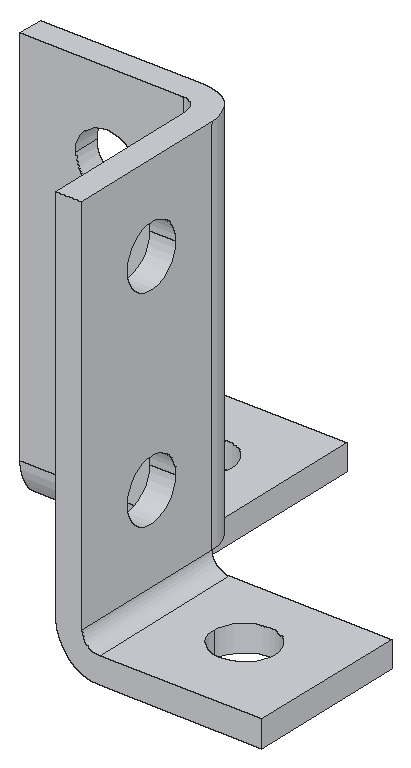
Revit family "Fitting-Wing_Shape-Unistrut-P2224", category Specialty Equipment, Revit 2012
Parameters (values of type "P2224")
  ecoScorecard_data = "http://products.ecoscorecard.com/atkore/P2224"
  ecoScorecard Product Page = "http://products.ecoscorecard.com/atkore/P2224?action=html"
  Weight Per Piece = 1.15 lbf
  Unit = none
  Unistrut Part Number = "P2224"  # constant formula
  URL = "http://unistrut.us/index.php"
  Thickness = 1/4"
  Subcategory = "Wing Shape Fittings"  # constant formula
  Product Page URL = "http://unistrut.us/index.php?WP=cat_detail&S=S05&P=P2224"
  Power Strut Part Number = "PS 666"  # constant formula
  Part Type = "Fitting"  # constant formula
  Overall Width = 3 1/2"
  Overall Length = 3 1/2"
  Overall Height = 3 7/8"
  Model = "P2224"
  Material = ""
  Manufacturer Phone - Toll Free = "800-882-5543"  # constant formula
  Manufacturer Phone = "708-339-1610"  # constant formula
  Manufacturer Fax = "708-339-7814"  # constant formula
  Manufacturer Email = "mailto:jshaw@atkore.com"
  Manufacturer Address = "16100 South Lathrop Avenue, Harvey, IL 60426"  # constant formula
  Manufacturer = "Unistrut by Atkore International"  # constant formula
  Load Capacity Note = "Visit the product page for load application and capacity."  # constant formula
  Literature URL = "http://unistrut.us/index.php?WP=LItLibrary"
  Hole Diameter = 9/16"
  Cost Info = "mailto:jshaw@atkore.com"
  CAD URL = "http://unistrut.us/index.php?WP=CAD3d"
  Assembly Code = "D5020100"
  95 CSI = "16070"  # constant formula
  04 CSI = "26 05 48"  # constant formula
Reference planes (in)
  plane 1 "Center (Front/Back)": y = 0
  plane 2: z = 0
  plane 3 "Center (Left/Right)": x = 0
  plane 4: y = 1.75
  plane 5: y = -1.75
  plane 6: y = -1.875
  plane 7: x = -1.75
  plane 8: x = 1.75
  plane 9: z = 3.875
  plane 10: z = 0.25
  plane 11: y = 0.96277
  plane 12: y = -0.96167
  plane 13: x = 0.96375
  plane 14: x = -0.9646
  plane 15: z = 1.18357
  plane 16: z = 3.08681
Dimensions and locks (in)
  equal spacing: plane 4, plane 1 "Center (Front/Back)", plane 5
  "Overall Length": plane 4 to plane 5
  plane 1 "Center (Front/Back)" to plane 6 = 1 7/8"
  "Overall Width": plane 7 to plane 8
  "Overall Height": plane 9 to plane 2
  "Thickness": plane 10 to plane 2
  aligned and locked: level to plane 2
  aligned and locked: plane 3 "Center (Left/Right)" to nested 1
  aligned and locked: plane 1 "Center (Front/Back)" to nested 1
Nested families (in)
  nested 1: "2224" at (0, 0, 0), type "2224"
Definition of nested family "2224"
  Parameters (values of type "P224")
    Width = 3 1/2"
    Unit = none
    Thickness = 1/4"
    Height = 3 7/8"
    Radiuis = Diameter / 2  # 9/32"
    Length = 3 1/2"
    Diameter = 9/16"
    Default Elevation = 0"
    Bolt Length [instance] = 1 1/2"
  Reference planes (in)
    plane 1 "Center (Front/Back)": y = 0
    plane 2: z = 0
    plane 3 "Center (Left/Right)": x = 0
    plane 4: z = 3.875
    plane 5: y = 1.75
    plane 6: y = -1.75
    plane 7: x = 1.75
    plane 8: x = -1.75
  Forms (in)
    Extrusion 1, solid
      sketch origin (0, 0, 0) x (0, 1, 0) y (0, 0, 1)
        loop
          line (0.11811, 3.875) -> (-0.11811, 3.875) -> (-0.11811, 0.3937)
          arc (-0.11811, 0.3937) -> (-0.0028, 0.11531) -> (0.27559, 0) r 0.3937
          line (0.27559, 0) -> (1.75, 0) -> (1.75, 0.23622) -> (0.27559, 0.23622)
          arc (0.27559, 0.23622) -> (0.16424, 0.28235) -> (0.11811, 0.3937) r 0.15748
          line (0.11811, 0.3937) -> (0.11811, 3.875)
      from -1.75 to -0.27559
    Extrusion 2, solid
      sketch origin (0, 0, 0) x (1, 0, 0) y (0, 0, 1)
        loop
          line (0.11811, 0.3937) -> (0.11811, 3.875) -> (-0.11811, 3.875) -> (-0.11811, 0.3937)
          arc (-0.11811, 0.3937) -> (-0.0028, 0.11531) -> (0.27559, 0) r 0.3937
          line (0.27559, 0) -> (1.75, 0) -> (1.75, 0.23622) -> (0.27559, 0.23622)
          arc (0.27559, 0.23622) -> (0.16424, 0.28235) -> (0.11811, 0.3937) r 0.15748
      from 1.75 to 0.27559
    Extrusion 3, solid
      sketch origin (0, 0, 0) x (1, 0, 0) y (0, 1, 0)
        loop
          line (-0.11811, -0.27559) -> (0.11811, -0.27559)
          arc (0.11811, -0.27559) -> (0.0028, 0.0028) -> (-0.27559, 0.11811) r 0.3937
          line (-0.27559, 0.11811) -> (-0.27559, -0.11811)
          arc (-0.27559, -0.11811) -> (-0.16424, -0.16424) -> (-0.11811, -0.27559) r 0.15748
      from 3.875 to 0.3937
    Extrusion 4, void
      sketch origin (0, 0, 0) x (1, 0, 0) y (0, 1, 0)
        loop
          circle (-0.9646, 0.96277) r 0.28125
        loop
          circle (0.96375, -0.96167) r 0.28125
      from 0 to 0.23622
    Extrusion 5, void
      sketch origin (0, 0, 0) x (1, 0, 0) y (0, 0, 1)
        loop
          circle (-0.9638, 3.08681) r 0.28125
        loop
          circle (-0.9638, 1.18357) r 0.28125
      from -0.11811 to 0.11811
    Extrusion 6, void
      sketch origin (0, 0, 0) x (0, 1, 0) y (0, 0, 1)
        loop
          circle (-0.96238, 3.08633) r 0.28125
        loop
          circle (-0.96238, 1.18374) r 0.28125
      from -0.11811 to 0.11811
  Cuts and joins
    Extrusion 4, Extrusion 5 cuts Extrusion 1
    Extrusion 4, Extrusion 6 cuts Extrusion 2
    joined: Extrusion 1, Extrusion 2, Extrusion 3
  Dimensions and locks (in)
    equal spacing: plane 8, plane 3 "Center (Left/Right)", plane 7
    "Width": plane 8 to plane 7
    equal spacing: plane 5, plane 1 "Center (Front/Back)", plane 6
    "Length": plane 6 to plane 5
    "Height": plane 4 to plane 2
    "Radiuis": radius of Extrusion 6 sketch curve  (x2)
    "Radiuis": radius of Extrusion 5 sketch curve  (x2)
    "Radiuis": radius of Extrusion 4 sketch curve  (x2)
    aligned and locked: level to plane 2
    aligned and locked: Extrusion 1 to plane 8
    aligned and locked: Extrusion 2 to plane 6
    aligned and locked: Extrusion 3 to plane 4
    aligned and locked: Extrusion 4 to plane 2
    aligned and locked: plane 4 to Extrusion 2 sketch curve
    aligned and locked: Extrusion 2 sketch curve to plane 7
    aligned and locked: plane 4 to Extrusion 1 sketch curve
    aligned and locked: plane 5 to Extrusion 1 sketch curve
  Automatic sketch dimensions
    Extrusion 3 sketch curve to plane 1 "Center (Front/Back)" = 0.11811"
    Extrusion 3 sketch curve to plane 3 "Center (Left/Right)" = 0.27559"
    Extrusion 3 sketch curve to plane 3 "Center (Left/Right)" = 0.11811"
    plane 3 "Center (Left/Right)" to Extrusion 3 sketch curve = 0.11811"
    plane 8 to Extrusion 4 sketch curve = 0.7854"
    plane 7 to Extrusion 4 sketch curve = 0.78625"
    Extrusion 4 sketch curve to plane 6 = 0.78833"
    Extrusion 4 sketch curve to plane 5 = 0.78723"
    plane 8 to Extrusion 5 sketch curve = 0.7862"  (x2)
    level to Extrusion 5 sketch curve = 1.18357"
    Extrusion 5 sketch curve to plane 4 = 0.78819"
    Extrusion 6 sketch curve to plane 6 = 0.78762"  (x2)
    level to Extrusion 6 sketch curve = 1.18374"
    Extrusion 6 sketch curve to plane 4 = 0.78867"
    Extrusion 2 sketch curve to Extrusion 2 sketch curve = 0"  (x2)
    Extrusion 2 sketch curve to level = 0"
    plane 3 "Center (Left/Right)" to Extrusion 2 sketch curve = 0.27559"
    plane 3 "Center (Left/Right)" to Extrusion 2 sketch curve = 0.11811"
    Extrusion 2 sketch curve to plane 3 "Center (Left/Right)" = 0.11811"
    Extrusion 1 sketch curve to Extrusion 1 sketch curve = 0"  (x2)
    Extrusion 1 sketch curve to level = 0"
    Extrusion 1 sketch curve to plane 1 "Center (Front/Back)" = 0.27559"
    Extrusion 1 sketch curve to plane 1 "Center (Front/Back)" = 0.11811"
    plane 1 "Center (Front/Back)" to Extrusion 1 sketch curve = 0.11811"
